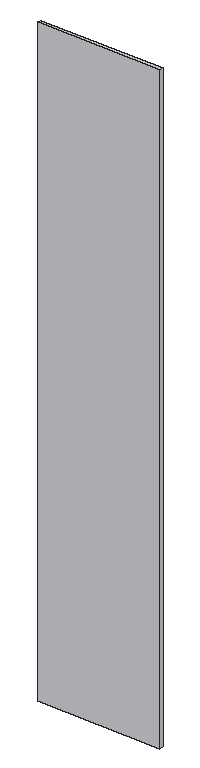
Revit family "BIMSF-LintelPlate", category Structural Connections, Revit 2024
Family settings
  Material for Model Behavior = Other
  Work Plane-Based = No
  Enable Cutting in Views = No
  Always vertical = Yes
  Cut with Voids When Loaded = No
  Shared = No
Parameters (values of type "400-80-15")
  Width [instance] = 0' - 3.14961"
  Weight = 0.00 kgf/m
  Thickness = 0' - 0.09843"
  Structural Material = none
  Reported Length [instance] = 0' - 3.14961"
  Height = 1' - 3.74803"
Reference planes (in)
  plane 1 "Center (Front/Back)": y = 0
  plane 2: z = 0
  plane 3 "Center (Left/Right)": x = 0
Forms (in)
  Extrusion 1, solid, material <- "Structural Material"
    sketch origin (0, 0, 0) x (1, 0, 0) y (0, 0, 1)
      loop
        line (0, 0) -> (0, -15.74803) -> (3.14961, -15.74803) -> (3.14961, 0) -> (0, 0)
    from -0.04921 to 0.04921
Dimensions and locks (in)
  equal spacing: Extrusion 1, plane 1 "Center (Front/Back)", Extrusion 1
  "Thickness": Extrusion 1 to Extrusion 1
  "Height": level to Extrusion 1
  "Width": Extrusion 1 to plane 3 "Center (Left/Right)"
  Extrusion 1 to Extrusion 1 = 1' - 3.74803"  (x2)
  "Reported Length": Extrusion 1 to Extrusion 1
  aligned and locked: plane 2 to level
  aligned and locked: Extrusion 1 sketch curve to level
Automatic sketch dimensions
  Extrusion 1 sketch curve to plane 3 "Center (Left/Right)" = 0' - 0"
  Extrusion 1 sketch curve to level = 1' - 3.74803"
  Extrusion 1 sketch curve to Extrusion 1 sketch curve = 0' - 3.14961"
